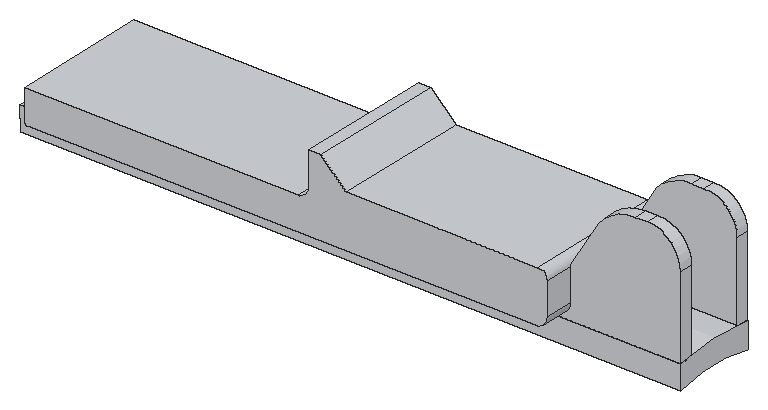
Revit family
Parameters (values of type "Type 1")
  Material ID = "760154229\r\n760152827\r\n760154195"
  Description = "HGS M-Series Adapter"
Reference planes (in)
  plane 1 "Center (Front/Back)": y = 0
  plane 2: z = 0
  plane 3 "Center (Left/Right)": x = 0
Forms (in)
  Extrusion 1, solid
    sketch origin (0, 0, 0) x (1, 0, 0) y (0, 0, 1)
      loop
        line (-1.82286, 0) -> (2.02327, 0)
        arc (2.02327, 0) -> (2.08478, 0.02548) -> (2.11026, 0.087) r 0.087
        line (2.11026, 0.087) -> (2.11026, 0.32705)
        arc (2.11026, 0.32705) -> (2.09007, 0.37581) -> (2.04132, 0.396) r 0.06895
        line (2.04132, 0.396) -> (0.58241, 0.396) -> (0.39602, 0.58239) -> (0.303, 0.58239) -> (0.303, 0.33)
        arc (0.303, 0.33) -> (0.27957, 0.27343) -> (0.223, 0.25) r 0.08
        line (0.223, 0.25) -> (-1.85, 0.25) -> (-1.85, 0.02714)
        arc (-1.85, 0.02714) -> (-1.84205, 0.00795) -> (-1.82286, 0) r 0.02714
    from 0 to 1.04
  Extrusion 2, solid
    sketch origin (0, 0, -0.00198) x (1, 0, 0) y (0, 0, 1)
      loop
        arc (2.30952, 0.04012) -> (2.46509, 0.41568) -> (2.08952, 0.26012) r 0.22
        line (2.08952, 0.26012) -> (2.08952, 0.04012) -> (2.30952, 0.04012)
    from 0.27968 to 0.72738
  Extrusion 3, solid
    sketch origin (-1.85, 0, 0) x (0, 0, 1) y (0, 1, 0)
      loop
        line (-0.02097, -0.18626) -> (-0.21622, -0.18626)
        arc (-0.21622, -0.18626) -> (-0.17672, -0.50589) -> (-0.21308, -0.82588) r 1.36706
        line (-0.21308, -0.82588) -> (-0.03034, -0.82588)
        arc (-0.03034, -0.82588) -> (0.00351, -0.5065) -> (-0.02097, -0.18626) r 1.7683
    from -4.7984 to 0.2016
  Extrusion 4, solid
    sketch origin (-1.85, -0.82588, -0.02097) x (0, 0, -1) y (1, 0, 0)
      loop
        line (0.01378, 4.7984) -> (-0.61232, 4.7984)
        arc (-0.61232, 4.7984) -> (-0.7891, 4.72518) -> (-0.86232, 4.5484) r 0.25
        line (-0.86232, 4.5484) -> (-0.86232, 4.45815)
        arc (-0.86232, 4.45815) -> (-0.82555, 4.30198) -> (-0.72296, 4.17863) r 0.35
        line (-0.72296, 4.17863) -> (-0.22934, 3.88384)
        arc (-0.22934, 3.88384) -> (-0.09721, 3.80201) -> (0.01378, 3.69322) r 0.70491
        line (0.01378, 3.69322) -> (0.01378, 4.7984)
    from 0 to -0.0985
  Extrusion 5, solid
    sketch origin (-1.85, -0.82588, -0.02097) x (0, 0, -1) y (1, 0, 0)
      loop
        line (0.01378, 4.7984) -> (-0.61232, 4.7984)
        arc (-0.61232, 4.7984) -> (-0.7891, 4.72518) -> (-0.86232, 4.5484) r 0.25
        line (-0.86232, 4.5484) -> (-0.86232, 4.45815)
        arc (-0.86232, 4.45815) -> (-0.82555, 4.30198) -> (-0.72296, 4.17863) r 0.35
        line (-0.72296, 4.17863) -> (-0.22934, 3.88384)
        arc (-0.22934, 3.88384) -> (-0.09721, 3.80201) -> (0.01378, 3.69322) r 0.70491
        line (0.01378, 3.69322) -> (0.01378, 4.7984)
    from 0 to -0.0985
  Extrusion 6, solid
    sketch origin (0, -0.27968, -0.00198) x (-1, 0, 0) y (0, 0, 1)
      loop
        line (-2.93949, -0.01899) -> (-1.85695, -0.01899)
        arc (-1.85695, -0.01899) -> (-1.95221, 0.09042) -> (-2.03384, 0.21035) r 1.22319
        line (-2.03384, 0.21035) -> (-2.32863, 0.70397)
        arc (-2.32863, 0.70397) -> (-2.44864, 0.79567) -> (-2.59612, 0.82826) r 0.35
        line (-2.59612, 0.82826) -> (-2.68949, 0.82826)
        arc (-2.68949, 0.82826) -> (-2.86626, 0.75503) -> (-2.93949, 0.57826) r 0.25
        line (-2.93949, 0.57826) -> (-2.93949, -0.01899)
    from 0 to 0.09341
